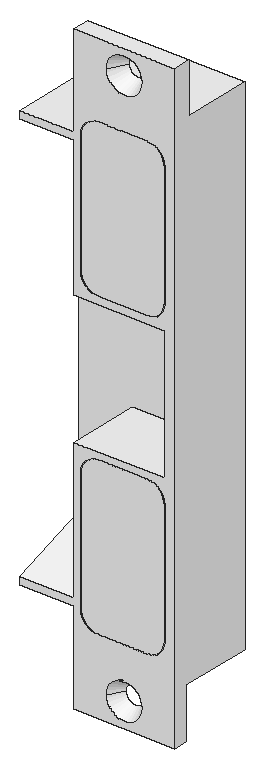
Revit family "KingswayGroup_ElctrcStrksAndFcplts_HighSecureElectricStrikeRelease", category Specialty Equipment, Revit 2020
Family settings
  Round Connector Dimension = Use Diameter
  Part Type = Normal
  Work Plane-Based = No
  Always vertical = No
  Cut with Voids When Loaded = No
  Shared = No
  Room Calculation Point = No
Parameters
  URL = "https://kingswaygroupglobal.com/"
  Model = ModelNumber  # "KG240"
  BaseMaterial = NBS_Concept
  WarrantyStartDate [instance] = "1900-12-31T23:59:59"
  WarrantyGuarantorParts = "sales@kingswaygroup.co.uk"
  WarrantyGuarantorLabor = "n/a"
  WarrantyDurationUnit = "year"
  WarrantyDurationParts = "5"
  WarrantyDurationLabor = "n/a"
  WarrantyDescription = "5-Year Guarantee *For faulty manufacture and not for damage"
  Version = "1"
  Uniclass2015Version = "Products v1.36"
  Uniclass2015Title = "Electric strikes and faceplates"
  Uniclass2015Code = "Pr_75_30_27_26"
  TagNumber [instance] = "n/a"
  SustainabilityPerformance = "n/a"
  Size = "44.5 x 175 x 25 mm"
  Shape = "n/a"
  SerialNumber [instance] = "n/a"
  Revision = "n/a"
  ReplacementCost = "n/a"
  ProductInformation = "https://kingswaygroupglobal.com/product/high-secure-electric-strike-release?noredirect=true"
  NominalWidth = 25 mm  # constant formula
  NominalLength = 44.5 mm  # constant formula
  NominalHeight = 175 mm  # constant formula
  Name = "ElectricStrikesAndFaceplates_HighSecureElectricStrikeRelease_KG240_KingswayGroup"
  ModelReference = "High Secure Electric Strike Release"
  ModelNumber = "KG240"
  PlateMaterial = NBS_Concept
  Material = "For full range of available material, contact Kingsway Group"
  ManufacturerURL = "https://kingswaygroupglobal.com/"
  ManufacturerName = "Kingsway Group"  # constant formula
  Manufacturer = ManufacturerName  # "Kingsway Group"
  InstallationDate [instance] = "1900-12-31T23:59:59"
  IfcExportType = "USERDEFINED"  # constant formula
  IfcExportAs = "IfcDiscreteAccessoryType"  # constant formula
  Grade = "n/a"
  Finish = "For full range of available finishes and colours, contact Kingsway Group"
  Features = "An electric strike release designed for high secure environments, providing the solution where security is a key consideration and access is to be permitted by authorised persons only. It can be operated by a wall mounted switch or a staff fob, as well as automatically unlocked during fire alarms. The KG240M version has the ability to monitor whether the door is engaged and can detect tampering to its release device."
  ExpectedLife = "n/a"
  DurationUnit = "year"
  Description = "High Secure Electric Strike Release"
  Default Elevation = 0 mm
  Constituents = "n/a"
  Color = "For full range of available finishes and colours, contact Kingsway Group"
  CodePerformance = "n/a"
  Category = "Pr_75_30_27_26:Electric strikes and faceplates"
  BarCode [instance] = "n/a"
  BIMObjectName = "KingswayGroup_ElectricStrikesAndFaceplates_HighSecureElectricStrikeRelease"
  Author = "Kingsway Group"  # constant formula
  AssetType = "Fixed"
  AssetIdentifier [instance] = "n/a"
  AccessibilityPerformance = "n/a"
Reference planes
  plane 1 "Center (Front/Back)": y = 0
  plane 2: z = 0
  plane 3 "Center (Left/Right)": x = 0
  plane 4: y = 5
Forms (mm)
  Extrusion 1, solid, material "NBS_Concept" <- "BaseMaterial"
    sketch origin (0, 0, 0) x (0, 1, 0) y (0, 0, 1)
      loop
        line (0, 0) -> (4, 0) -> (4, 14.5) -> (25, 14.5) -> (25, 160.5) -> (5, 160.5) -> (5, 175) -> (0, 175) -> (0, 0)
    from -14.5 to 14.5
  Extrusion 2, solid, material "NBS_Concept" <- "BaseMaterial"
    sketch origin (0, 0, 0) x (0, 1, 0) y (0, 0, 1)
      loop
        line (0, 148.5) -> (0, 146.5) -> (21, 138.857) -> (21, 36.143) -> (0, 28.5) -> (0, 26.5) -> (24, 26.5) -> (24, 148.5) -> (0, 148.5)
    from -30.001 to -14.5
  Extrusion 3, void
    sketch origin (0, 0, 0) x (1, 0, 0) y (0, 0, 1)
      loop
        arc (-7.5, 153.504) -> (-11.036, 152.039) -> (-12.501, 148.503) r 5.001
        line (-12.501, 148.503) -> (-12.501, 113.503)
        arc (-12.501, 113.503) -> (-11.036, 109.967) -> (-7.5, 108.502) r 5.001
        line (-7.5, 108.502) -> (6.499, 108.502)
        arc (6.499, 108.502) -> (10.035, 109.967) -> (11.5, 113.503) r 5.001
        line (11.5, 113.503) -> (11.5, 148.504)
        arc (11.5, 148.504) -> (10.036, 152.04) -> (6.5, 153.504) r 5
        line (6.5, 153.504) -> (-7.5, 153.504)
      loop
        arc (-7.5, 66.502) -> (-11.036, 65.037) -> (-12.501, 61.501) r 5.001
        line (-12.501, 61.501) -> (-12.501, 26.501)
        arc (-12.501, 26.501) -> (-11.036, 22.965) -> (-7.5, 21.5) r 5.001
        line (-7.5, 21.5) -> (6.499, 21.5)
        arc (6.499, 21.5) -> (10.035, 22.965) -> (11.5, 26.501) r 5.001
        line (11.5, 26.501) -> (11.5, 61.502)
        arc (11.5, 61.502) -> (10.036, 65.037) -> (6.5, 66.502) r 5
        line (6.5, 66.502) -> (-7.5, 66.502)
    from -5 to 0
  Extrusion 4, void
    sketch origin (0, 0, 0) x (1, 0, 0) y (0, 0, 1)
      loop
        line (-14.5, 106.503) -> (-14.5, 68.501) -> (11.5, 68.501) -> (11.5, 106.503) -> (-14.5, 106.503)
    from -21 to 0
  Blend 5, void
    base sketch origin (0, 0, 0) x (1, 0, 0) y (0, 0, 1)
      loop
        circle (0, 168.005) r 5.2
    top sketch origin (0, 0, 0) x (1, 0, 0) y (0, 0, 1)
      loop
        circle (0, 168.004) r 2.75
    from 0 to -5
  Blend 6, void
    base sketch origin (0, 0, -161.054) x (1, 0, 0) y (0, 0, 1)
      loop
        circle (0, 168.005) r 5.2
    top sketch origin (0, 0, -161.054) x (1, 0, 0) y (0, 0, 1)
      loop
        circle (0, 168.004) r 2.75
    from 0 to -4
  Extrusion 7, solid, material "NBS_Concept" <- "PlateMaterial"
    sketch origin (0, 0, 0) x (1, 0, 0) y (0, 0, 1)
      loop
        line (-12.501, 61.501) -> (-12.501, 26.501)
        arc (-12.501, 26.501) -> (-11.036, 22.965) -> (-7.5, 21.5) r 5.001
        line (-7.5, 21.5) -> (6.499, 21.5)
        arc (6.499, 21.5) -> (10.035, 22.965) -> (11.5, 26.501) r 5.001
        line (11.5, 26.501) -> (11.5, 61.502)
        arc (11.5, 61.502) -> (10.036, 65.037) -> (6.5, 66.502) r 5
        line (6.5, 66.502) -> (-7.5, 66.502)
        arc (-7.5, 66.502) -> (-11.036, 65.037) -> (-12.501, 61.501) r 5.001
      loop
        line (-12.501, 148.503) -> (-12.501, 113.503)
        arc (-12.501, 113.503) -> (-11.036, 109.967) -> (-7.5, 108.502) r 5.001
        line (-7.5, 108.502) -> (6.499, 108.502)
        arc (6.499, 108.502) -> (10.035, 109.967) -> (11.5, 113.503) r 5.001
        line (11.5, 113.503) -> (11.5, 148.504)
        arc (11.5, 148.504) -> (10.036, 152.04) -> (6.5, 153.504) r 5
        line (6.5, 153.504) -> (-7.5, 153.504)
        arc (-7.5, 153.504) -> (-11.036, 152.039) -> (-12.501, 148.503) r 5.001
    from -5 to 0
Cuts and joins
  Extrusion 3, Extrusion 4, Blend 5, Blend 6 cuts Extrusion 1
  joined: Extrusion 1, Extrusion 2
Dimensions and locks
  aligned and locked: level to plane 2
  aligned and locked: plane 1 "Center (Front/Back)" to Extrusion 3
  aligned and locked: Extrusion 7 to cut or joined group of Extrusion 1, Extrusion 2, Extrusion 3, Extrusion 4, Blend 5, Blend 6
  aligned and locked: plane 1 "Center (Front/Back)" to Extrusion 7
